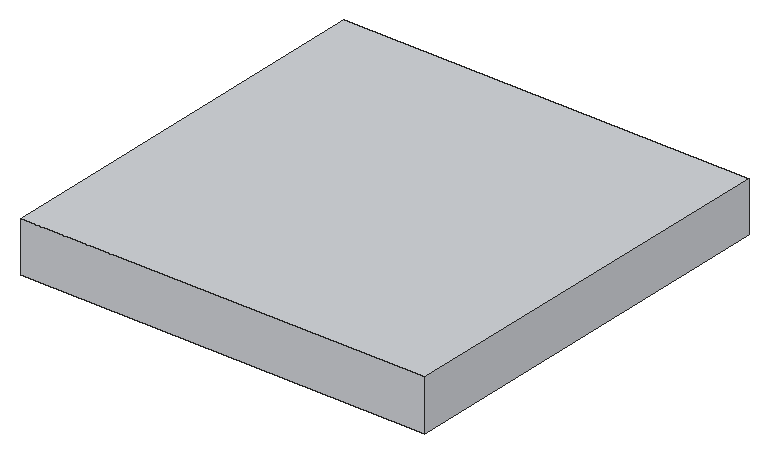
Revit family "Sanitary_Taps-Mixers_DELABIE_2640-Wall-mounted-sequential-mechanical", category Modèles génériques, Revit 2018
Family settings
  Hôte = Face
  Peut héberger une armature = Non
  Cote de connecteur circulaire = Utiliser le diamètre
  Type d'élément = Normal
  Couper avec des vides une fois chargée = Non
  Partagée = Non
  Point de calcul de pièce = Non
Parameters
  Default Elevation = 1219.2 mm
Reference planes
  plane 1 "Centre (avant/arrière)": y = 0
  plane 2: z = 0
  plane 3 "Centre (gauche/droite)": x = 0
Forms (mm)
  Extrusion 1, solid
    sketch origin (0, 0, 0) x (1, 0, 0) y (0, 1, 0)
      loop
        line (-1219.2, 1219.2) -> (-1219.2, -1219.2) -> (1219.2, -1219.2) -> (1219.2, 1219.2) -> (-1219.2, 1219.2)
    from 0 to -304.8
Dimensions and locks
  aligned and locked: plane 2 to Extrusion 1
  aligned and locked: level to Extrusion 1
Nested families
  nested 1: "Sanitary_Taps-Mixers_DELABIE_2640-Wall-mounted-sequential-mechanical" at (0, 0, 0), type "Default"
Definition of nested family "Sanitary_Taps-Mixers_DELABIE_2640-Wall-mounted-sequential-mechanical"
  Parameters (values of type "Default")
    Youtube clip = ""
    Uniformat II Description = ""
    Uniformat II Code = ""
    Uniclass 2015 Name = "Sanitary fittings and accessories"
    Uniclass 2015 Code = "Pr_40_20"
    Uniclass 2.0 Description = ""
    Uniclass 2.0 Code = ""
    Uniclass 1.4 Description = ""
    Uniclass 1.4 Code = ""
    UNSPSC Code = "301815"
    Technical description = "https://www.delabie.com/products/2640"
    Region South America = "AR, BO, BR, CL, CO, EC, FK, GF, GY, PE, PY, SR, UY, VE"
    Region Oceania = "AU, FJ, NC, NZ, PG, SB, TL, VU"
    Region North America = "BS, BZ, CA, CR, CU, DO, GL, GT, HN, HT, JM, MX, NI, PA, PR, SV, TT, US"
    Region Middle East = "AE, AF, EG, IL, IQ, IR, JO, KW, LB, OM, PS, QA, SA, SY, TR, YE"
    Region Europe = "AL, AT, BA, BE, BG, BY, CH, CY, CZ, DE, DK, EE, ES, FI, FR, GB, GR, HR, HU, IE, IS, IT, LT, LU, LV, MD, ME, MK, NL, NO, PL, PT, RO, RS, RU, SE, SI, SJ, SK, UA"
    Region Asia = "AM, AZ, BD, BN, BT, CN, GE, ID, IN, JP, KG, KH, KP, KR, KZ, LA, LK, MM, MN, MY, NP, PH, PK, TH, TJ, TM, TW, UZ, VN"
    Region Antarctica = "TF"
    Region Africa = "AO, BF, BI, BJ, BW, CD, CF, CG, CI, CM, DJ, DZ, EH, ER, ET, GA, GH, GM, GN, GQ, GW, KE, LR, LS, LY, MA, MG, ML, MR, MW, MZ, NA, NE, NG, RW, SD, SL, SN, SO, SS, SZ, TD, TG, TN, TZ, UG, ZA, ZM, ZW"
    QR code = "http://bimobject.com/delabie/product/2640"
    Product url = "https://www.delabie.com/products/2640"
    Product name = "2640 Wall mounted sequential mechanical mixer"
    Product group = "Basin mixer"
    Product family = "Sanitary"
    Product data url = "https://bimobject.com/delabie/product/2640"
    Product certification = "https://www.delabie.com/products/2640"
    Product SKU = "2640"
    Product Guid = "d2a0317e-07b7-4d78-b673-65cffb042d49"
    OmniClass Description = "Faucets"
    OmniClass Code = "23-31 11 00"
    NBS Reference Description = ""
    NBS Reference Code = ""
    Material secondary = ""
    Material main = "Brass"
    Masterformat 2014 Description = ""
    Masterformat 2014 Code = ""
    Manufacturer name = "DELABIE"
    Manufacturer country = ""
    Installation instructions = "https://www.delabie.com/products/2640"
    IFC Classification = "Sanitary Terminal"
    GTIN code = "https://3456330183444"
    Edition number = 1
    Design country = "France"
    Date of publishing = ""
    COBIe Type Category = ""
    Brand url = "http://www.delabie.com"
    BOS_1_Visibility = yes
    BOS_1_Material = none
    BOS_0_Visibility = yes
    BOS_0_Material = none
    BIMobject main category code = "sanitary"
    BIMobject main category = "Sanitary"
    BIMobject category code = "sanitary-taps-mixers"
    BIMobject category = "Taps & Mixers"
  Reference planes
    plane 1 "Center (Front/Back)": y = 0
    plane 2: z = 0
    plane 3 "Center (Left/Right)": x = 0
  Dimensions and locks
    aligned and locked: level to plane 2
  Imported bodies without a history: 1
  Connectors
    piping at (-76.083, 0, 0), diameter 20.5
      settings: on free form element, index 1, connector inside diameter 609.6 mm, connector length 0 mm, flow factor 0, pipe flow 0.0 L/s, pressure drop 0.0 Pa, fitting loss kfactor 0, connector angle 0.00°, fixture units 0, engagement length 0 mm, angle of deflection 0.00°, flow configuration 0, flow direction 0, fitting loss method 0, system type 19, joint type 0, gender type 0, connector reference index -1, connector utility 0, adjustable connector no, is connector primary yes, connector description ""
    piping at (73.917, 0, 0), diameter 20.5
      settings: on free form element, index 2, connector inside diameter 609.6 mm, connector length 0 mm, flow factor 0, pipe flow 0.0 L/s, pressure drop 0.0 Pa, fitting loss kfactor 0, connector angle 0.00°, fixture units 0, engagement length 0 mm, angle of deflection 0.00°, flow configuration 0, flow direction 0, fitting loss method 0, system type 20, joint type 0, gender type 0, connector reference index -1, connector utility 0, adjustable connector no, is connector primary no, connector description ""
